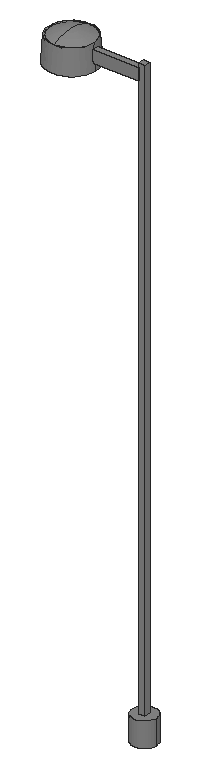
Revit family "5d1d3d4e828e4404a48d48b061f8ccab", category Lighting Fixtures, Revit 2021
Family settings
  Round Connector Dimension = Use Diameter
  Part Type = Normal
  OmniClass Number = 23.80.70.14.21
  OmniClass Title = Street and Roadway Lighting
  Seek Item ID = Street Light - Standard-0000-USA-ENU
  Work Plane-Based = No
  Always vertical = Yes
  Cut with Voids When Loaded = No
  Light Source = Yes
  Shared = No
  Room Calculation Point = No
Parameters (values of type "250W Sodium - 480V")
  Wattage = 250 W
  built-in parameter 1150110 = 1 (stored number, unit not read)
  built-in parameter 1114217 = 1 (stored number, unit not read)
  built-in parameter 1150109 = 1 (stored number, unit not read)
  built-in parameter 1150134 = 12
  built-in parameter 1150113 = 1 (stored number, unit not read)
  Tilt Angle = 90.00°
  Photometric Web File = "SLS1ET18.ies"
  built-in parameter 1150115 = 1 (stored number, unit not read)
  built-in parameter 1150105 = 2307.7 (stored number, unit not read)
  Load Classification = Lighting - Exterior
  built-in parameter 1150137 = 1
  built-in parameter 1150139 = (empty or 0)
  built-in parameter 1150112 = 1 (stored number, unit not read)
  built-in parameter 1150114 = 1 (stored number, unit not read)
  built-in parameter 1150132 = (empty or 0)
  built-in parameter 1150102 = (empty or 0)
  built-in parameter 1150138 = (empty or 0)
  built-in parameter 1150107 = 4000 (stored number, unit not read)
  built-in parameter 1150106 = 23.077 (stored number, unit not read)
  Height = 25' - 0"
  Lamp = "E-18"
  Lumens = 29000 lm
  Wattage Comments = "250"
  built-in parameter 1150104 = 10.777 (stored number, unit not read)
  Dimming Lamp Color Temperature Shift = <None>
  Default Elevation = 0' - 0"
  Color Filter = 16777215
  Ballast Voltage = 480 V
  Ballast Number of Poles = 3
  built-in parameter 1114218 = 1 (stored number, unit not read)
  built-in parameter 1150133 = 10 (stored number, unit not read)
  Apparent Load = 250 VA
Types (10): name | Wattage | built-in parameter 1150134 | Tilt Angle | Photometric Web File | built-in parameter 1150105 | built-in parameter 1150107 | built-in parameter 1150106 | Lamp | Lumens | Wattage Comments | built-in parameter 1150104 | Ballast Voltage | Ballast Number of Poles | Apparent Load
  (no name) | 250 W | 12 | 90.00° | "SLS1ET18.ies" | 2307.7 (stored number, unit not read) | 4000 (stored number, unit not read) | 23.077 (stored number, unit not read) | "E-18" | 29000 lm | "250" | 10.777 (stored number, unit not read) | 480 V | 3 | 250 VA
  400W Halogen - 120V | 400 W | 3 | -90.00° | "SLS1T3.ies" | 795.77 (stored number, unit not read) | 3200 (stored number, unit not read) | 7.9577 (stored number, unit not read) | "T-3" | 10000 lm | "400" | 2.3226 (stored number, unit not read) | 120 V | 1 | 400 VA
  250W Sodium - 120V | 250 W | 13 | 90.00° | "SLS1ET18.ies" | 2307.7 (stored number, unit not read) | 2100 (stored number, unit not read) | 23.077 (stored number, unit not read) | "E-18" | 29000 lm | "250" | 10.777 (stored number, unit not read) | 120 V | 1 | 250 VA
  250W Halogen - 120V | 250 W | 3 | -90.00° | "SLS1T4.IES" | 397.89 (stored number, unit not read) | 3200 (stored number, unit not read) | 3.9789 (stored number, unit not read) | "T-4" | 5000 lm | "250" | 1.8581 (stored number, unit not read) | 120 V | 1 | 250 VA
  250W Halogen - 277V | 250 W | 3 | -90.00° | "SLS1T4.IES" | 397.89 (stored number, unit not read) | 3200 (stored number, unit not read) | 3.9789 (stored number, unit not read) | "T-4" | 5000 lm | "250" | 1.8581 (stored number, unit not read) | 277 V | 1 | 250 VA
  250W Halogen - 480V | 250 W | 3 | -90.00° | "SLS1T4.IES" | 397.89 (stored number, unit not read) | 3200 (stored number, unit not read) | 3.9789 (stored number, unit not read) | "T-4" | 5000 lm | "250" | 1.8581 (stored number, unit not read) | 480 V | 3 | 250 VA
  250W Sodium - 277V | 250 W | 13 | 90.00° | "SLS1ET18.ies" | 2307.7 (stored number, unit not read) | 2100 (stored number, unit not read) | 23.077 (stored number, unit not read) | "E-18" | 29000 lm | "250" | 10.777 (stored number, unit not read) | 277 V | 1 | 250 VA
  250W Sodium - 480V | 250 W | 12 | 90.00° | "SLS1ET18.ies" | 2307.7 (stored number, unit not read) | 4000 (stored number, unit not read) | 23.077 (stored number, unit not read) | "E-18" | 29000 lm | "250" | 10.777 (stored number, unit not read) | 480 V | 3 | 250 VA
  400W Halogen - 277V | 400 W | 3 | -90.00° | "SLS1T3.ies" | 795.77 (stored number, unit not read) | 3200 (stored number, unit not read) | 7.9577 (stored number, unit not read) | "T-3" | 10000 lm | "400" | 2.3226 (stored number, unit not read) | 277 V | 1 | 400 VA
  400W Halogen - 480V | 400 W | 3 | -90.00° | "SLS1T3.ies" | 795.77 (stored number, unit not read) | 3200 (stored number, unit not read) | 7.9577 (stored number, unit not read) | "T-3" | 10000 lm | "400" | 2.3226 (stored number, unit not read) | 480 V | 3 | 400 VA
Reference planes (in)
  plane 1 "Light Source Axis": y = 0
  plane 2: z = 0
  plane 3 "Center": x = 0
  plane 4: z = 300
  plane 5 "Light Source Elevation": z = 288
  plane 6 "Base": z = 12
  plane 7 "Light Source Axis": x = -36
  plane 8 "Top": z = 298
  plane 9: z = 292
  plane 10: y = 0
  plane 11: y = 0
Forms (in)
  Extrusion 1, solid, material "Steel, Paint Finish, Dark Gray, Matte"
    sketch origin (0, 0, 0) x (1, 0, 0) y (0, 1, 0)
      loop
        circle (0, 0) r 6
    from 0 to 12
  Extrusion 2, solid, material "Steel, Paint Finish, Dark Gray, Matte"
    sketch origin (0, 0, 0) x (1, 0, 0) y (0, 1, 0)
      loop
        line (-1.5, 1.5) -> (-1.5, -1.5) -> (1.5, -1.5) -> (1.5, 1.5) -> (-1.5, 1.5)
    from 12 to 300
  Extrusion 3, solid, material "Steel, Paint Finish, Dark Gray, Matte"
    sketch origin (0, 0, 0) x (1, 0, 0) y (0, 1, 0)
      loop
        line (-1.5, 1.5) -> (-36, 1.5) -> (-36, -1.5) -> (-1.5, -1.5) -> (-1.5, 1.5)
    from 292 to 298
  Blend 4, solid, material "Steel, Paint Finish, Dark Gray, Matte"
    base sketch origin (0, 0, 0) x (1, 0, 0) y (0, 1, 0)
      loop
        circle (-36, 0) r 12
    top sketch origin (0, 0, 0) x (1, 0, 0) y (0, 1, 0)
      loop
        circle (-36, 0) r 11
    from 288 to 300
  Revolve 5, solid, material "Glass, Frosted"
    sketch origin (-36, 0, 0) x (0, 0, -1) y (0, -1, 0)
      loop
        arc (-288, -10.5) -> (-286.02235, -5.40298) -> (-285.18653, 0) r 25.28566
        line (-285.18653, 0) -> (-285.68653, 0) -> (-288, -9.00131) -> (-288, -10.5)
      axis (-288, 0) -> (-285.18653, 0)
    angle from 0 to 360
  Revolve 6, solid, material "Steel, Paint Finish, Dark Gray, Matte"
    sketch origin (-36, 0, 588) x (0, 0, 1) y (0, 1, 0)
      loop
        line (-288, 10.5) -> (-288, 9.00131) -> (-285.68653, 0) -> (-285.18653, 0)
        arc (-285.18653, 0) -> (-286.02235, 5.40298) -> (-288, 10.5) r 25.28566
      axis (-288, 0) -> (-285.18653, 0)
    angle from 0 to 360
Lines and regions (in)
  Masking region 1
    outline origin (0, 0, 0) x (1, 0, 0) y (0, 1, 0)
      loop
        arc (-24.09249, 1.5) -> (-36.75147, 11.97807) -> (-48.00162, 0) r 12.00162
        arc (-48.00162, 0) -> (-36.75147, -11.97807) -> (-24.09249, -1.5) r 12.00162
        line (-24.09249, -1.5) -> (1.5, -1.5) -> (1.5, 1.5) -> (-24.09249, 1.5)
  Masking region 2
    outline origin (0, 0, 12) x (1, 0, 0) y (0, 1, 0)
      loop
        circle (0, 0) r 6
  symbolic lines, style "Exterior"
    curve 1: arc (6, 0, 12) -> (0.75603, 5.95218, 12) -> (-5.80948, 1.5, 12) r 6
    curve 2: arc (-5.80948, -1.5, 12) -> (0.75603, -5.95218, 12) -> (6, 0, 12) r 6
    curve 3: arc (0.5, 0, 0) -> (0, 0.5, 0) -> (-0.5, 0, 0) r 0.5
    curve 4: arc (-0.5, 0, 0) -> (0, -0.5, 0) -> (0.5, 0, 0) r 0.5
    curve 5: line (1.5, 1.5, 0) -> (-24.09249, 1.5, 0)
    curve 6: line (1.5, -1.5, 0) -> (1.5, 1.5, 0)
    curve 7: line (-24.09249, -1.5, 0) -> (1.5, -1.5, 0)
    curve 8: arc (-24.09249, 1.5, 0) -> (-36.75147, 11.97807, 0) -> (-48.00162, 0, 0) r 12.00162
    curve 9: arc (-48.00162, 0, 0) -> (-36.75147, -11.97807, 0) -> (-24.09249, -1.5, 0) r 12.00162
    curve 10: arc (-24.99745, 0, 0) -> (-36, 11.00255, 0) -> (-47.00255, 0, 0) r 11.00255
    curve 11: arc (-47.00255, 0, 0) -> (-36, -11.00255, 0) -> (-24.99745, 0, 0) r 11.00255
Dimensions and locks (in)
  "Height": plane 4 to plane 2
  plane 7 "Light Source Axis" to plane 3 "Center" = 3' - 0"
  locked: plane 4 to plane 8 "Top" at 2
  locked: plane 8 "Top" to plane 9 at 6
  locked: plane 9 to plane 5 "Light Source Elevation" at 4
  aligned and locked: Extrusion 2 to Extrusion 1
  aligned and locked: Extrusion 2 to plane 4
  aligned and locked: Extrusion 3 sketch curve to Extrusion 2  (x2)
  aligned and locked: plane 7 "Light Source Axis" to Extrusion 3 sketch curve
  aligned and locked: plane 9 to Extrusion 3
  aligned and locked: plane 5 "Light Source Elevation" to Blend 4
  aligned and locked: Blend 4 to plane 4
  aligned and locked: Extrusion 3 to plane 8 "Top"
  aligned and locked: Masking region 1 sketch curve to curve 8
  aligned and locked: Masking region 1 sketch curve to curve 5
  aligned and locked: Masking region 1 sketch curve to curve 7
  aligned and locked: Masking region 1 sketch curve to Extrusion 2
  aligned and locked: plane 7 "Light Source Axis" to imposter light
  aligned and locked: imposter light to plane 1 "Light Source Axis"
  aligned and locked: plane 5 "Light Source Elevation" to imposter light
Automatic sketch dimensions
  Extrusion 1 sketch curve to plane 1 "Light Source Axis" = 0' - 0"
  Extrusion 1 sketch curve to plane 3 "Center" = 0' - 0"
  Extrusion 1 sketch curve to plane 3 "Center" = 0' - 6"
  plane 3 "Center" to Extrusion 2 sketch curve = 0' - 1 1/2"
  plane 1 "Light Source Axis" to Extrusion 2 sketch curve = 0' - 1 1/2"
  Extrusion 2 sketch curve to plane 1 "Light Source Axis" = 0' - 1 1/2"
  Extrusion 2 sketch curve to plane 3 "Center" = 0' - 1 1/2"
  plane 1 "Light Source Axis" to Extrusion 3 sketch curve = 0' - 1 1/2"
  Blend 4 sketch curve to plane 1 "Light Source Axis" = 0' - 0"  (x2)
  Blend 4 sketch curve to plane 7 "Light Source Axis" = 0' - 0"  (x2)
  Blend 4 sketch curve to Blend 4 sketch curve = 1' - 0"
  Blend 4 sketch curve to Blend 4 sketch curve = 0' - 11"
  Revolve 5 sketch curve to plane 1 "Light Source Axis" = 0' - 0"  (x2)
  Revolve 5 sketch curve to plane 5 "Light Source Elevation" = 0' - 0"  (x2)
  plane 9 to Revolve 5 sketch curve = 0' - 1"
  plane 1 "Light Source Axis" to Revolve 5 sketch curve = 0' - 1.14143"
  Revolve 5 sketch curve to plane 4 = 0' - 10.44642"
  plane 5 "Light Source Elevation" to Revolve 5 sketch curve = 0' - 2.31347"
  Revolve 5 sketch curve to Revolve 5 sketch curve = 0' - 0 1/2"
  Revolve 5 sketch curve to Revolve 5 sketch curve = 0' - 1.49869"
  Revolve 6 sketch curve to plane 1 "Light Source Axis" = 0' - 0"  (x2)
  plane 5 "Light Source Elevation" to Revolve 6 sketch curve = 0' - 10.44642"
  plane 4 to Revolve 6 sketch curve = 0' - 3"
  Revolve 6 sketch curve to Revolve 6 sketch curve = 0' - 3"
  Revolve 6 sketch curve to plane 4 = 0' - 0"
  Revolve 6 sketch curve to Revolve 6 sketch curve = 0' - 2.31347"
  Revolve 6 sketch curve to Revolve 6 sketch curve = 0' - 0 1/2"
  plane 1 "Light Source Axis" to Revolve 6 sketch curve = 0' - 1.14143"
  Revolve 6 sketch curve to Revolve 6 sketch curve = 0' - 1.49869"
  curve 8 to curve 9 = 0' - 0"
  curve 8 to curve 10 = 0' - 0"  (x2)
  curve 9 to plane 1 "Light Source Axis" = 0' - 0"
  curve 8 to plane 7 "Light Source Axis" = 0' - 0"
  curve 3 to plane 1 "Light Source Axis" = 0' - 0"
  plane 7 "Light Source Axis" to curve 11 = 0' - 11.00255"
  curve 8 to curve 10 = 0' - 0.99907"
  plane 1 "Light Source Axis" to curve 9 = 0' - 1 1/2"
  curve 3 to plane 3 "Center" = 0' - 0 1/2"
  plane 3 "Center" to curve 5 = 0' - 1 1/2"
  Masking region 1 sketch curve to Masking region 1 sketch curve = 0' - 0"
  Masking region 2 sketch curve to plane 1 "Light Source Axis" = 0' - 0"
  Masking region 2 sketch curve to plane 3 "Center" = 0' - 0"
  Masking region 2 sketch curve to plane 3 "Center" = 0' - 6"
  curve 8 to plane 1 "Light Source Axis" = 0' - 1 1/2"
  curve 1 to plane 1 "Light Source Axis" = 0' - 0"
  curve 1 to plane 3 "Center" = 0' - 0"
  curve 1 to plane 3 "Center" = 0' - 5.80948"
  curve 4 to plane 3 "Center" = 0' - 0"
  curve 1 to curve 2 = 0' - 0"
  plane 1 "Light Source Axis" to curve 2 = 0' - 1 1/2"
  curve 2 to curve 1 = 0' - 0"
Connectors (in)
  electrical at (-36, 0, 300), driven by "Apparent Load", driven by "Ballast Voltage", driven by "Ballast Number of Poles", driven by "Load Classification"
    settings: on Blend 4, index 1, voltage 480 V, apparent load 0 VA, apparent load phase1 250 VA, apparent load phase2 0 VA, apparent load phase3 0 VA, power factor 0.95, load classification "Lighting - Exterior", number of poles 3, system type 31, power factor state 1, is connector primary yes, connector utility no, sub classification motor no, connector description ""
